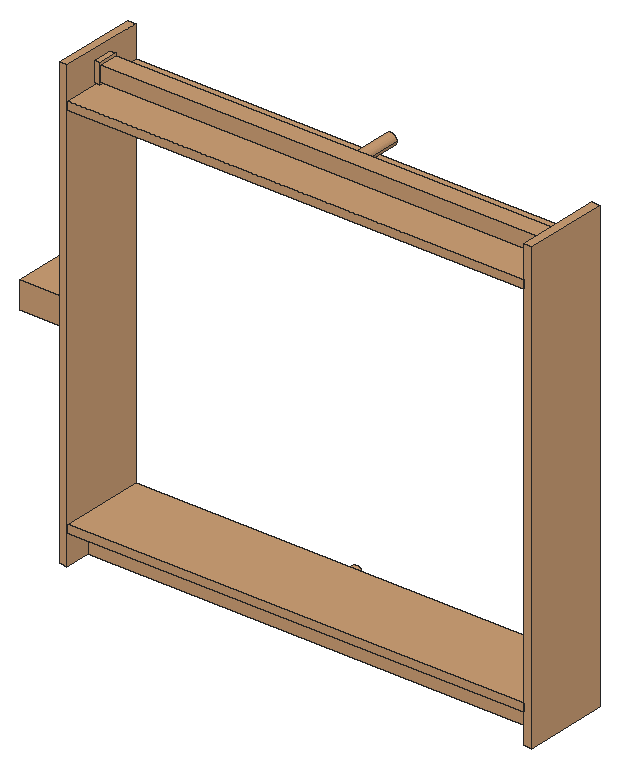
Revit family
Parameters
  Center Of Unit = 0' - 0"  # constant formula
  Water Pressure Drop [instance] = 0.00 psi
  Water Flow [instance] = 0 GPM
  Unit Weight (lbs) = 1472
  URL = "http://www.ljwing.com/"
  Water Outlet Radius = 0' - 1 1/2"
  Water Outlet Odd sizes = 0' - 5 23/64"
  Total Heating Capacity [instance] = 0.0 Btu/h
  Temperature Rise [instance] = 0 °F
  Series = "VIFB"
  Outlet Area = 78.70 SF
  Number of Rows = 1  # constant formula
  Number of Coils [instance] = 0
  Nominal Length = 10' - 1 29/32"
  Model = "VF-11"
  Manufacturer = "LJ Wing"
  Leaving Water Temperature [instance] = 0 °F
  Leaving Air Temperature [instance] = 0 °F
  Face Velocity (FPM) [instance] = 0
  Entering Water Temperature [instance] = 0 °F
  Entering Air Temperature [instance] = 0 °F
  Description = "Vertical Integral Face & Bypass Water Heating Coils"
  Hot Water Odd Sizes = 0' - 5 23/64"
  Hot Water Inlet Offset = 0' - 4 3/8"  # constant formula
  Hot Water Inlet  Radius = 0' - 1 1/2"
  Coil Face Area = Outlet Area * 0.56  # 44.072 SF
  Casing Material = ""
  Assembly Code = "D3020300"
  Air Pressure Drop [instance] = 0.00 in-wg
  Air Inlet Width = Nominal Length - 0' 4"  # 9' - 9 29/32"
  Air Inlet Height = Y  # 8' - 0"
  Air Flow [instance] = 0 CFM
  Z = 0' - 2 1/8"
  Y = 8' - 0"
  S = 0' - 9 3/4"
  Product URL = "http://www.ljwing.com/html/vifb.asp"
  OmniClass = "23-75 70 21 14"
  Nominal Height = 9' - 8"
  Nominal Depth = 1' - 10"
  R = 0' - 10 1/4"
  Q = 0' - 3 61/64"
  P = 0' - 5 1/8"
  L = 0' - 5 15/16"
Reference planes (in)
  plane 1 "Center (Front/Back)": y = 0
  plane 2: z = -48
  plane 3 "Center (Left/Right)": x = 0
  plane 4: z = 58.25
  plane 5: x = -60.95312
  plane 6: x = 60.95313
  plane 7: z = -57.75
  plane 8: z = 0
  plane 9: y = -11
  plane 10: y = 11
  plane 11: z = 48
  plane 12: z = 50
  plane 13: z = -50
  plane 14: x = 58.95313
  plane 15: x = -58.95313
  plane 16: z = 53.125
  plane 17: z = -51.8125
  plane 18: x = -57
  plane 19: x = 57
  plane 20: y = 13.125
  plane 21: y = 15.375
  plane 22: x = -71.95313
  plane 23: x = 5.35938
  plane 24: x = -5.35937
  plane 25: z = 55.125
  plane 26: z = 51.125
  plane 27: y = -2.5
  plane 28: y = 2.5
  plane 29: y = -4.5
Forms (in)
  Extrusion 1, solid, material "Painted Finish"
    sketch origin (0, 6, -9.75) x (1, 0, 0) y (0, 0, 1)
      loop
        line (-60.95312, -48) -> (-58.95313, -48) -> (-58.95313, 68) -> (-60.95312, 68) -> (-60.95312, -48)
      loop
        line (60.95313, -48) -> (60.95313, 68) -> (58.95313, 68) -> (58.95313, -48) -> (60.95313, -48)
    from -5 to 17
  Extrusion 2, solid, material "Painted Finish"
    sketch origin (0, 6, 0) x (1, 0, 0) y (0, 0, 1)
      loop
        line (58.95313, -48) -> (-58.95313, -48) -> (-58.95313, -50) -> (58.95313, -50) -> (58.95313, -48)
      loop
        line (58.95313, 48) -> (58.95313, 50) -> (-58.95313, 50) -> (-58.95313, 48) -> (58.95313, 48)
    from -5 to 17
  Extrusion 3, solid, material "Painted Finish"
    sketch origin (0, 10, -0.5) x (1, 0, 0) y (0, 0, 1)
      loop
        line (-60.95312, 4) -> (-71.95313, 4) -> (-71.95313, -3) -> (-60.95312, -3) -> (-60.95312, 4)
    from 0 to 20
  Extrusion 4, solid, material "Painted Finish"
    sketch origin (0, 6, 0) x (1, 0, 0) y (0, 0, 1)
      loop
        line (-57.32813, 55.125) -> (-57.32813, 51.125) -> (57.32813, 51.125) -> (57.32813, 55.125) -> (-57.32813, 55.125)
    from 3.5 to 8.5
  Extrusion 5, solid, material "Painted Finish"
    sketch origin (0, 0, 0) x (1, 0, 0) y (0, 0, 1)
      loop
        line (-57.32813, 50.625) -> (-57.32813, 55.625) -> (-58.95313, 55.625) -> (-58.95313, 50.625) -> (-57.32813, 50.625)
      loop
        line (58.95313, 50.625) -> (58.95313, 55.625) -> (57.32813, 55.625) -> (57.32813, 50.625) -> (58.95313, 50.625)
    from -2.5 to 2.5
  Extrusion 6, solid, material "Painted Finish"
    sketch origin (0, 23, 0) x (1, 0, 0) y (0, 0, 1)
      loop
        circle (5.35938, 53.125) r 1.5
    from 9.875 to 20.5
  Extrusion 7, solid, material "Painted Finish"
    sketch origin (0, 6, 0) x (1, 0, 0) y (0, 0, 1)
      loop
        line (-58.95313, -50) -> (-58.95313, -57.75) -> (58.95313, -57.75) -> (58.95313, -50) -> (-58.95313, -50)
    from -5 to 10.5
  Extrusion 8, solid, material "Painted Finish"
    sketch origin (0, 23, 0) x (1, 0, 0) y (0, 0, 1)
      loop
        circle (-5.35937, -51.8125) r 1.5
    from 7.625 to 12
  Extrusion 9, void
    sketch origin (0, 0, 0) x (1, 0, 0) y (0, 0, 1)
      loop
        line (-58.95313, 48) -> (-58.95313, -48) -> (58.95313, -48) -> (58.95313, 48) -> (-58.95313, 48)
    from -11 to 11
Cuts and joins
  Extrusion 9 cuts Extrusion 1
  Extrusion 9 cuts Extrusion 2
Dimensions and locks (in)
  "Nominal Length": plane 6 to plane 5
  equal spacing: plane 6, plane 3 "Center (Left/Right)", plane 5
  "S": plane 2 to plane 7
  "Nominal Depth": plane 10 to plane 9
  equal spacing: plane 10, plane 1 "Center (Front/Back)", plane 9
  "Y": plane 11 to plane 2
  "R": plane 4 to plane 11
  locked: plane 12 to plane 11 at 2
  locked: plane 2 to plane 13 at 2
  "P": plane 4 to plane 16
  "L": plane 17 to plane 7
  "Q": plane 18 to plane 5
  "Q": plane 6 to plane 19
  "Z": plane 20 to plane 10
  "Hot Water Inlet Offset": plane 21 to plane 10
  locked: plane 5 to plane 22 at 11
  locked: Extrusion 3 sketch curve to Extrusion 3 sketch curve at 7
  locked: Extrusion 3 to Extrusion 3 at 20
  locked: plane 6 to plane 14 at 2
  locked: plane 15 to plane 5 at 2
  "Water Outlet Odd sizes": plane 23 to plane 3 "Center (Left/Right)"
  "Hot Water Odd Sizes": plane 3 "Center (Left/Right)" to plane 24
  equal spacing: plane 25, plane 16, plane 26
  locked: Extrusion 5 sketch curve to plane 25 at 0.5
  locked: plane 26 to Extrusion 5 sketch curve at 0.5
  locked: Extrusion 6 sketch curve to plane 16 at 0
  locked: Extrusion 6 sketch curve to plane 23 at 0
  locked: Extrusion 8 sketch curve to plane 17 at 0
  locked: Extrusion 8 sketch curve to plane 24 at 0
  locked: plane 25 to plane 26 at 4
  locked: plane 28 to plane 27 at 5
  equal spacing: plane 28, plane 1 "Center (Front/Back)", plane 27
  locked: plane 27 to plane 29 at 2
  plane 4 to plane 7 = 9' - 8"
  locked: Extrusion 5 sketch curve to Extrusion 1 at 1.625
  locked: Extrusion 5 sketch curve to Extrusion 5 sketch curve at 1.625
  locked: Extrusion 9 sketch curve to plane 11 at 0
  locked: Extrusion 9 sketch curve to plane 15 at 0
  locked: Extrusion 9 sketch curve to plane 14 at 0
  locked: Extrusion 9 sketch curve to plane 2 at 0
  equal spacing: plane 11, plane 8, plane 2
  "Water Outlet Radius": radius of Extrusion 6 sketch curve
  "Hot Water Inlet  Radius": radius of Extrusion 8 sketch curve
  aligned and locked: Extrusion 1 to plane 9
  aligned and locked: Extrusion 1 to plane 10
  aligned and locked: Extrusion 1 to plane 15
  aligned and locked: Extrusion 1 to plane 14
  aligned and locked: Extrusion 2 to plane 9
  aligned and locked: plane 9 to Extrusion 1
  aligned and locked: plane 10 to Extrusion 1  (x2)
  aligned and locked: Extrusion 2 to plane 10
  aligned and locked: plane 10 to Extrusion 2  (x2)
  aligned and locked: plane 9 to Extrusion 2  (x2)
  aligned and locked: plane 5 to Extrusion 3
  aligned and locked: Extrusion 5 sketch curve to plane 15
  aligned and locked: Extrusion 5 sketch curve to Extrusion 4
  aligned and locked: Extrusion 6 to plane 20
  aligned and locked: Extrusion 1 to Extrusion 7
  aligned and locked: Extrusion 8 to plane 10
  aligned and locked: plane 21 to Extrusion 8
  aligned and locked: plane 27 to Extrusion 5
  aligned and locked: Extrusion 5 to Extrusion 4  (x2)
  aligned and locked: Extrusion 5 to plane 28
  aligned and locked: Extrusion 6 to Extrusion 4
  aligned and locked: Extrusion 7 to plane 29  (x2)
  aligned and locked: Extrusion 8 to Extrusion 7
  aligned and locked: Extrusion 4 to Extrusion 5  (x2)
  aligned and locked: Extrusion 5 to Extrusion 1  (x2)
  aligned and locked: plane 2 to Extrusion 2
  aligned and locked: Extrusion 1 sketch curve to plane 6
  aligned and locked: Extrusion 1 sketch curve to plane 14
  aligned and locked: Extrusion 1 sketch curve to plane 15
  aligned and locked: Extrusion 1 sketch curve to plane 5
  aligned and locked: plane 7 to Extrusion 1 sketch curve
  aligned and locked: Extrusion 1 sketch curve to plane 7
  aligned and locked: Extrusion 1 sketch curve to plane 4  (x2)
  aligned and locked: Extrusion 2 sketch curve to plane 11
  aligned and locked: Extrusion 2 sketch curve to plane 12
  aligned and locked: Extrusion 2 sketch curve to plane 14
  aligned and locked: Extrusion 2 sketch curve to plane 15
  aligned and locked: Extrusion 2 sketch curve to plane 13
  aligned and locked: plane 2 to Extrusion 2 sketch curve
  aligned and locked: plane 14 to Extrusion 2 sketch curve
  aligned and locked: plane 15 to Extrusion 2 sketch curve
  aligned and locked: plane 13 to Extrusion 7 sketch curve
  aligned and locked: Extrusion 7 sketch curve to plane 7
  aligned and locked: plane 14 to Extrusion 7 sketch curve
  aligned and locked: Extrusion 7 sketch curve to plane 15
  aligned and locked: cut or joined group of Extrusion 1, Extrusion 9 to plane 10
  aligned and locked: Extrusion 8 to plane 21
Automatic sketch dimensions
  Extrusion 3 sketch curve to plane 22 = 0' - 0"
  Extrusion 3 sketch curve to plane 5 = 0' - 0"
  plane 8 to Extrusion 3 sketch curve = 0' - 3 1/2"
  Extrusion 4 sketch curve to plane 25 = 0' - 0"
  Extrusion 4 sketch curve to plane 26 = 0' - 0"
  Extrusion 4 sketch curve to plane 18 = 0' - 0 21/64"
  plane 19 to Extrusion 4 sketch curve = 0' - 0 21/64"
  plane 26 to Extrusion 5 sketch curve = 0' - 0 1/2"
  Extrusion 5 sketch curve to plane 25 = 0' - 0 1/2"
Connectors (in)
  hvac at (0, -11, 0), driven by "Air Inlet Height", driven by "Air Inlet Width", driven by "Air Flow", driven by "Air Pressure Drop"
    settings: on Extrusion 9, index 1
  hvac at (0, 11, 0), driven by "Air Pressure Drop", driven by "Air Inlet Height", driven by "Air Inlet Width", driven by "Air Flow"
    settings: on Extrusion 9, index 2
  piping at (5.35938, 13.125, 53.125), driven by "Water Flow", driven by "Water Outlet Radius", driven by "Water Pressure Drop"
    settings: on Extrusion 6, index 3
  piping at (-5.35937, 15.375, -51.8125), driven by "Water Flow", driven by "Water Pressure Drop", driven by "Hot Water Inlet  Radius"
    settings: on Extrusion 8, index 4
